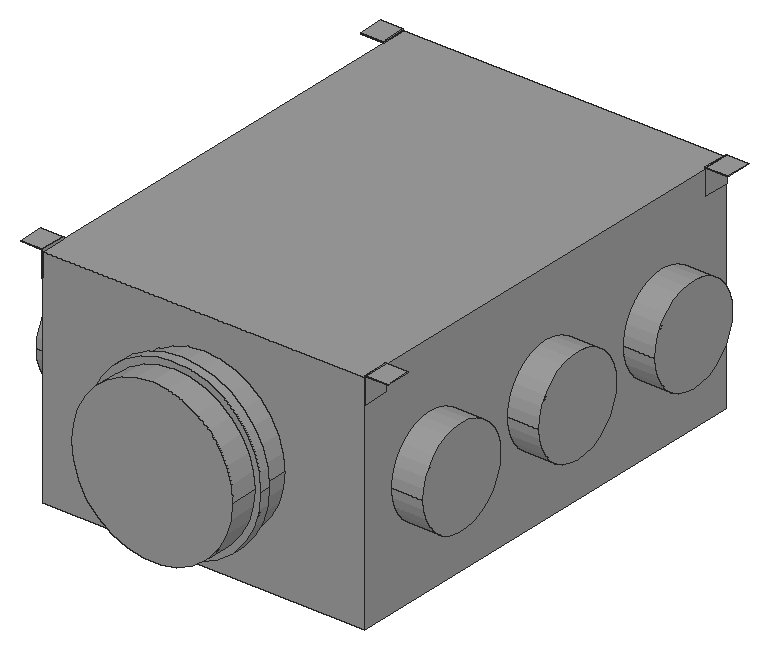
Revit family "FASU(F6-150 250Φ)", category ダクト付属品, Revit 2020
Family settings
  丸型コネクタ寸法 = 直径を使用
  パーツ タイプ = ダンパー
  OmniClass 番号 = 23.75.00.00
  OmniClass タイトル = Climate Control (HVAC)
  作業面ベース = いいえ
  常に垂直 = はい
  ロード時にボイドで切り取り = いいえ
  共有 = いいえ
Parameters
  高さ = 350 mm
  風量 = 0.0 L/s
  符号 = "FASU"
  形式 = "F6-150 250φ"
  幅 [instance] = 500 mm
  奥行き = 700 mm
  大きさ = 250 mm
  呼称 = "FASUチャンバー"
  付属品_下端レベル [instance] = 0 mm
  マテリアル [instance] = 既定値
  ダクト_イン = 300 mm
  ダクト_アウト = 150 mm
  既定の高さ = 0 mm
Reference planes
  plane 1 "中心(正面/背面)": y = 0
  plane 2: z = 0
  plane 3 "中心(左/右)": x = 0
  plane 4: x = -250
  plane 5: x = 250
  plane 6: y = -700
  plane 7: z = 350
  plane 8: z = 175
  plane 9: z = 266.963
  plane 10: z = 86.159
  plane 11: x = -251
  plane 12: z = 313.122
  plane 13: z = 352.122
  plane 14: y = -350
Forms (mm)
  Extrusion 1, solid, material "既定値" <- "マテリアル"
    sketch origin (0, 0, 0) x (1, 0, 0) y (0, 1, 0)
      loop
        line (-250, 0) -> (-250, -700) -> (250, -700) -> (250, 0) -> (-250, 0)
    from 0 to 350
  Extrusion 2, solid, material "既定値" <- "マテリアル"
    sketch origin (0, -30, 0) x (1, 0, 0) y (0, 1, 0)
      loop
        line (-250, 30) -> (-251, 30) -> (-251, -10) -> (-250, -10) -> (-250, 30)
    from 313.122 to 350
  Extrusion 3, solid, material "既定値" <- "マテリアル"
    sketch origin (0, -30, 0) x (1, 0, 0) y (0, 1, 0)
      loop
        line (-285, 30) -> (-285, -10) -> (-251, -10) -> (-251, 30) -> (-285, 30)
    from 352.122 to 350
  Extrusion 4, solid, material "既定値" <- "マテリアル"
    sketch origin (0, -30, 0) x (-1, 0, 0) y (0, -1, 0)
      loop
        line (-250, -30) -> (-250, 10) -> (-251, 10) -> (-251, -30) -> (-250, -30)
    from 313.122 to 353.122
  Extrusion 5, solid, material "既定値" <- "マテリアル"
    sketch origin (0, -30, 0) x (-1, 0, 0) y (0, -1, 0)
      loop
        line (-285, -30) -> (-251, -30) -> (-251, 10) -> (-285, 10) -> (-285, -30)
    from 352.122 to 353.122
  Extrusion 6, solid, material "既定値" <- "マテリアル"
    sketch origin (0, -490, 0) x (1, 0, 0) y (0, 1, 0)
      loop
        line (-285, -170) -> (-285, -210) -> (-251, -210) -> (-251, -170) -> (-285, -170)
    from 352.122 to 353.122
  Extrusion 7, solid, material "既定値" <- "マテリアル"
    sketch origin (0, -490, 0) x (1, 0, 0) y (0, 1, 0)
      loop
        line (-250, -170) -> (-251, -170) -> (-251, -210) -> (-250, -210) -> (-250, -170)
    from 313.122 to 353.122
  Extrusion 8, solid, material "既定値" <- "マテリアル"
    sketch origin (0, -490, 0) x (-1, 0, 0) y (0, -1, 0)
      loop
        line (-285, 170) -> (-251, 170) -> (-251, 210) -> (-285, 210) -> (-285, 170)
    from 352.122 to 353.122
  Extrusion 9, solid, material "既定値" <- "マテリアル"
    sketch origin (0, -490, 0) x (-1, 0, 0) y (0, -1, 0)
      loop
        line (-250, 170) -> (-250, 210) -> (-251, 210) -> (-251, 170) -> (-250, 170)
    from 313.122 to 353.122
  Extrusion 10, solid, material "既定値" <- "マテリアル"
    sketch origin (550, -582.5, 0) x (0, -1, 0) y (0, 0, -1)
      loop
        circle (-232.5, -175) r 74.985
    from -300 to -250
  Extrusion 11, solid, material "既定値" <- "マテリアル"
    sketch origin (-550, -582.5, 0) x (0, -1, 0) y (0, 0, 1)
      loop
        circle (-232.5, 175) r 74.985
    from -300 to -250
  Extrusion 12, solid, material "既定値" <- "マテリアル"
    sketch origin (550, -357.5, 0) x (0, -1, 0) y (0, 0, -1)
      loop
        circle (-232.5, -175) r 74.985
    from -300 to -250
  Extrusion 13, solid, material "既定値" <- "マテリアル"
    sketch origin (-550, -357.5, 0) x (0, -1, 0) y (0, 0, 1)
      loop
        circle (-232.5, 175) r 74.985
    from -300 to -250
  Extrusion 14, solid, material "既定値" <- "マテリアル"
    sketch origin (550, -142.5, 0) x (0, 1, 0) y (0, 0, 1)
      loop
        circle (-432.5, 175) r 74.985
    from -300 to -250
  Extrusion 15, solid, material "既定値" <- "マテリアル"
    sketch origin (0, -142.5, 0) x (0, 1, 0) y (0, 0, 1)
      loop
        circle (-432.5, 175) r 74.985
    from -300 to -250
  Extrusion 16, solid, material "既定値" <- "マテリアル"
    sketch origin (0, -230, 0) x (1, 0, 0) y (0, 0, 1)
      loop
        circle (0, 175) r 125
    from 470 to 512.5
  Extrusion 17, solid, material "既定値" <- "マテリアル"
    sketch origin (0, -230, 0) x (1, 0, 0) y (0, 0, 1)
      loop
        circle (0, 175) r 135
    from 512.5 to 527.5
  Extrusion 18, solid, material "既定値" <- "マテリアル"
    sketch origin (0, -317.5, 0) x (1, 0, 0) y (0, 0, 1)
      loop
        circle (0, 175) r 125
    from 440 to 482.5
Lines and regions (mm)
  model lines
    curve 1: line (-250, -30, 0) -> (250, -30, 0)
    curve 2: line (-250, -670, 0) -> (250, -670, 0)
Text (mm)
  text "FASU(F6-150 250Φ)" at (3.713, -630.412, 0), in view "参照レベル"
Dimensions and locks
  equal spacing: plane 4, plane 3 "中心(左/右)", plane 5
  "幅": plane 4 to plane 5
  "奥行き": plane 6 to plane 1 "中心(正面/背面)"
  "高さ": plane 7 to level
  equal spacing: plane 7, plane 8, level
  equal spacing: plane 6, plane 14, plane 1 "中心(正面/背面)"
  aligned and locked: level to plane 2
  aligned and locked: Extrusion 1 sketch curve to plane 5
  aligned and locked: plane 7 to Extrusion 1
  aligned and locked: Extrusion 2 sketch curve to Extrusion 1
  aligned and locked: plane 7 to Extrusion 2
  aligned and locked: Extrusion 3 sketch curve to Extrusion 2
  aligned and locked: Extrusion 2 to Extrusion 3 sketch curve
  aligned and locked: plane 7 to Extrusion 3
  aligned and locked: Extrusion 3 to plane 13
  aligned and locked: Extrusion 4 to Extrusion 5 sketch curve
  aligned and locked: Extrusion 5 sketch curve to Extrusion 4
  aligned and locked: Extrusion 1 to Extrusion 8
  aligned and locked: Extrusion 6 to Extrusion 1
  aligned and locked: Extrusion 7 to Extrusion 1
  aligned and locked: Extrusion 1 to Extrusion 9
  aligned and locked: Extrusion 9 to Extrusion 8
  aligned and locked: Extrusion 7 to Extrusion 6
  aligned and locked: plane 4 to Extrusion 7
  aligned and locked: Extrusion 9 to plane 5
  aligned and locked: plane 4 to curve 1
  aligned and locked: plane 5 to curve 1
  aligned and locked: plane 5 to curve 2
  aligned and locked: Extrusion 1 to Extrusion 3
  aligned and locked: Extrusion 5 to Extrusion 1
  aligned and locked: Extrusion 4 to plane 5
  aligned and locked: Extrusion 1 to plane 6
  aligned and locked: Extrusion 1 to plane 1 "中心(正面/背面)"
  aligned and locked: Extrusion 12 to plane 5
  aligned and locked: plane 4 to Extrusion 13
  aligned and locked: Extrusion 14 to plane 5
  aligned and locked: plane 4 to Extrusion 15
  aligned and locked: Extrusion 17 to Extrusion 18
  aligned and locked: Extrusion 17 to Extrusion 16
Automatic sketch dimensions
  Extrusion 10 sketch curve to plane 8 = 0 mm
  Extrusion 10 sketch curve to plane 14 = 0 mm
  Extrusion 11 sketch curve to plane 8 = 0 mm
  Extrusion 11 sketch curve to plane 14 = 0 mm
  curve 2 to plane 4 = 0 mm
  plane 6 to curve 2 = 30 mm
  plane 1 "中心(正面/背面)" to curve 1 = 30 mm
  Extrusion 1 sketch curve to plane 4 = 0 mm
  Extrusion 1 sketch curve to plane 6 = 0 mm
  plane 1 "中心(正面/背面)" to Extrusion 1 sketch curve = 0 mm
  plane 1 "中心(正面/背面)" to Extrusion 2 sketch curve = 0 mm
  Extrusion 2 sketch curve to plane 11 = 0 mm
  Extrusion 2 sketch curve to Extrusion 2 sketch curve = 40 mm
  plane 1 "中心(正面/背面)" to Extrusion 3 sketch curve = 0 mm
  Extrusion 3 sketch curve to Extrusion 3 sketch curve = 34 mm
  plane 1 "中心(正面/背面)" to Extrusion 4 sketch curve = 0 mm
  Extrusion 4 sketch curve to plane 5 = 0 mm
  Extrusion 4 sketch curve to Extrusion 4 sketch curve = 1 mm
  Extrusion 4 sketch curve to Extrusion 4 sketch curve = 40 mm
  plane 1 "中心(正面/背面)" to Extrusion 5 sketch curve = 0 mm
  Extrusion 5 sketch curve to Extrusion 5 sketch curve = 34 mm
  Extrusion 6 sketch curve to plane 6 = 0 mm
  Extrusion 6 sketch curve to plane 11 = 0 mm
  Extrusion 6 sketch curve to plane 11 = 34 mm
  plane 6 to Extrusion 6 sketch curve = 40 mm
  Extrusion 7 sketch curve to plane 11 = 0 mm
  Extrusion 7 sketch curve to plane 4 = 0 mm
  Extrusion 7 sketch curve to plane 6 = 0 mm
  plane 6 to Extrusion 7 sketch curve = 40 mm
  Extrusion 8 sketch curve to plane 6 = 0 mm
  Extrusion 8 sketch curve to plane 5 = 35 mm
  Extrusion 8 sketch curve to plane 5 = 1 mm
  Extrusion 8 sketch curve to Extrusion 8 sketch curve = 40 mm
  Extrusion 9 sketch curve to plane 6 = 0 mm
  Extrusion 9 sketch curve to plane 5 = 0 mm
  Extrusion 9 sketch curve to Extrusion 9 sketch curve = 1 mm
  Extrusion 9 sketch curve to Extrusion 9 sketch curve = 40 mm
  Extrusion 12 sketch curve to plane 8 = 0 mm
  plane 1 "中心(正面/背面)" to Extrusion 12 sketch curve = 125 mm
  Extrusion 13 sketch curve to plane 8 = 0 mm
  plane 1 "中心(正面/背面)" to Extrusion 13 sketch curve = 125 mm
  Extrusion 14 sketch curve to plane 8 = 0 mm
  plane 6 to Extrusion 14 sketch curve = 125 mm
  Extrusion 15 sketch curve to plane 8 = 0 mm
  plane 6 to Extrusion 15 sketch curve = 125 mm
  Extrusion 16 sketch curve to plane 8 = 0 mm
  Extrusion 17 sketch curve to plane 8 = 0 mm
  Extrusion 18 sketch curve to plane 8 = 0 mm
  plane 11 to Extrusion 16 sketch curve = 251 mm
  plane 11 to Extrusion 17 sketch curve = 251 mm
  plane 11 to Extrusion 18 sketch curve = 251 mm
  radius of Extrusion 10 sketch curve = 74.985 mm
  radius of Extrusion 11 sketch curve = 74.985 mm
  radius of Extrusion 12 sketch curve = 74.985 mm
  radius of Extrusion 13 sketch curve = 74.985 mm
  radius of Extrusion 14 sketch curve = 74.985 mm
  radius of Extrusion 15 sketch curve = 74.985 mm
  radius of Extrusion 16 sketch curve = 125 mm
  radius of Extrusion 17 sketch curve = 135 mm
  radius of Extrusion 18 sketch curve = 125 mm
Connectors
  hvac at (-300, -575, 175), driven by "ダクト_アウト"
    settings: on Extrusion 15, index 1, duct flow 0.0 L/s, flow factor 0, pres drop 0.0 Pa, loss coef 0, conn angle 0.00°, conn width 304.8 mm, conn height 304.8 mm, conn diameter 150 mm, duct sys type 29, conn prof type 0, flow config 0, flow direction 2, loss method 0, conn ref index -1, conn util no, is conn primary yes, conn desc ""
  hvac at (-300, -350, 175), driven by "ダクト_アウト"
    settings: on Extrusion 11, index 2, duct flow 0.0 L/s, flow factor 0, pres drop 0.0 Pa, loss coef 0, conn angle 0.00°, conn width 304.8 mm, conn height 304.8 mm, conn diameter 150 mm, duct sys type 29, conn prof type 0, flow config 0, flow direction 2, loss method 0, conn ref index -1, conn util no, is conn primary no, conn desc ""
  hvac at (-300, -125, 175), driven by "ダクト_アウト"
    settings: on Extrusion 13, index 3, duct flow 0.0 L/s, flow factor 0, pres drop 0.0 Pa, loss coef 0, conn angle 0.00°, conn width 304.8 mm, conn height 304.8 mm, conn diameter 150 mm, duct sys type 29, conn prof type 0, flow config 0, flow direction 2, loss method 0, conn ref index -1, conn util no, is conn primary no, conn desc ""
  hvac at (300, -575, 175), driven by "ダクト_アウト"
    settings: on Extrusion 14, index 4, duct flow 0.0 L/s, flow factor 0, pres drop 0.0 Pa, loss coef 0, conn angle 0.00°, conn width 304.8 mm, conn height 304.8 mm, conn diameter 150 mm, duct sys type 29, conn prof type 0, flow config 0, flow direction 2, loss method 0, conn ref index -1, conn util no, is conn primary no, conn desc ""
  hvac at (300, -350, 175), driven by "ダクト_アウト"
    settings: on Extrusion 10, index 5, duct flow 0.0 L/s, flow factor 0, pres drop 0.0 Pa, loss coef 0, conn angle 0.00°, conn width 304.8 mm, conn height 304.8 mm, conn diameter 150 mm, duct sys type 29, conn prof type 0, flow config 0, flow direction 2, loss method 0, conn ref index -1, conn util no, is conn primary no, conn desc ""
  hvac at (300, -125, 175), driven by "ダクト_アウト"
    settings: on Extrusion 12, index 6, duct flow 0.0 L/s, flow factor 0, pres drop 0.0 Pa, loss coef 0, conn angle 0.00°, conn width 304.8 mm, conn height 304.8 mm, conn diameter 150 mm, duct sys type 29, conn prof type 0, flow config 0, flow direction 2, loss method 0, conn ref index -1, conn util no, is conn primary no, conn desc ""
  hvac at (0, -800, 175)
    settings: on Extrusion 18, index 7, duct flow 0.0 L/s, flow factor 0, pres drop 0.0 Pa, loss coef 0, conn angle 0.00°, conn width 304.8 mm, conn height 304.8 mm, conn diameter 250 mm, duct sys type 1, conn prof type 0, flow config 0, flow direction 1, loss method 0, conn ref index -1, conn util no, is conn primary no, conn desc ""
